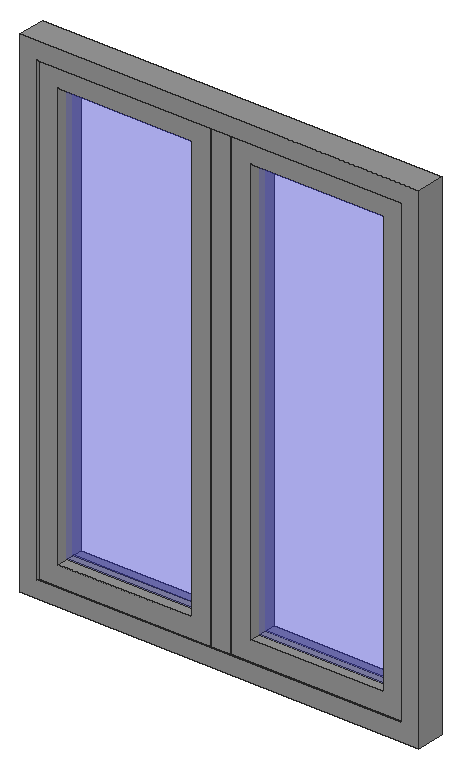
Revit family "Family10", category Windows, host Wall, Revit 2018
Family settings
  Host = Wall
  OmniClass Number = 23.30.20.00
  OmniClass Title = Windows
  Always vertical = Yes
  Cut with Voids When Loaded = No
  Shared = No
  Room Calculation Point = No
Parameters
  Window Thickness = 84 mm
  Window = White
  Visual Light Transmittance = 0.81
  URL = "www.skywardwindows.co.za"
  Thermal Resistance (R) = 0.3196 (m²·K)/W
  Telephone = "021 276 1800"
  Solar Heat Gain Coefficient = 0.76
  Manufacturer = "Skyward Windows"
  Height = 1490 mm
  Heat Transfer Coefficient (U) = 3.1292 W/(m²·K)
  Glass Thickness = 4 mm
  Glass = Glass
  Email Address = "info@skywardwindows.co.za"
  Default Sill Height = 800 mm
  Wall Closure = By host
  Width = 1190 mm
  Company Address = "Charles Matthews Street Atlantis 7349"
  Analytic Construction = "Double glazing - domestic"
Reference planes
  plane 1 "Center (Front/Back)": y = 0
  plane 2 "Center (Left/Right)": x = 0
  plane 3 "Left": x = -595
  plane 4 "Right": x = 595
  plane 5 "Sill": z = 800
  plane 6 "Head": z = 2290
  plane 7 "Exterior": y = 100
  plane 8 "Interior": y = -100
Forms (mm)
  Extrusion 1, solid, material "White" <- "Window"
    sketch origin (0, -100, 0) x (1, 0, 0) y (0, 0, 1)
      loop
        line (-595, 2290) -> (-595, 800) -> (595, 800) -> (595, 2290) -> (-595, 2290)
      loop
        line (-545, 850) -> (545, 850) -> (545, 2240) -> (-545, 2240) -> (-545, 850)
    from -135.787 to -51.787
  Extrusion 2, solid, material "White" <- "Window"
    sketch origin (0, -100, 0) x (1, 0, 0) y (0, 0, 1)
      loop
        line (-545, 2240) -> (-545, 850) -> (-30, 850) -> (-30, 2240) -> (-545, 2240)
      loop
        line (-486, 909) -> (-89, 909) -> (-89, 2181) -> (-486, 2181) -> (-486, 909)
    from -142 to -58
  Extrusion 3, solid, material "White" <- "Window"
    sketch origin (575, -100, 0) x (1, 0, 0) y (0, 0, 1)
      loop
        line (-545, 2240) -> (-545, 850) -> (-30, 850) -> (-30, 2240) -> (-545, 2240)
      loop
        line (-486, 909) -> (-89, 909) -> (-89, 2181) -> (-486, 2181) -> (-486, 909)
    from -142 to -58
  Extrusion 4, solid, material "White" <- "Window"
    sketch origin (0, -100, 0) x (1, 0, 0) y (0, 0, 1)
      loop
        line (-30, 2240) -> (-30, 850) -> (30, 850) -> (30, 2240) -> (-30, 2240)
    from -142 to -58
  Extrusion 5, solid, material "Glass" <- "Glass"
    sketch origin (0, 0, 0) x (1, 0, 0) y (0, 1, 0)
      loop
        line (89, 14) -> (89, 10) -> (486, 10) -> (486, 14) -> (89, 14)
      loop
        line (89, -10) -> (89, -14) -> (486, -14) -> (486, -10) -> (89, -10)
      loop
        line (-486, 14) -> (-486, 10) -> (-89, 10) -> (-89, 14) -> (-486, 14)
      loop
        line (-486, -10) -> (-486, -14) -> (-89, -14) -> (-89, -10) -> (-486, -10)
    from 909 to 2181
Lines and regions (mm)
  Opening 1
    outline origin (3500, -100, 0) x (1, 0, 0) y (0, 0, 1)
      loop
        line (-2905, 800) -> (-2905, 2290) -> (-4095, 2290) -> (-4095, 800) -> (-2905, 800)
Text (mm)
  text "EXTERIOR" at (-1963.203, 1332.353, 0), in view "Ref. Level"
  text "INTERIOR" at (-1981.466, -818.386, 0), in view "Ref. Level"
  text "Exterior" at (0, 923.751, 2943.296), in view "Right"
  text "Exterior" at (0, 1040.484, 2685.409), in view "Left"
Dimensions and locks
  equal spacing: plane 3 "Left", plane 2 "Center (Left/Right)", plane 4 "Right"
  "Width": plane 3 "Left" to plane 4 "Right"
  "Height": plane 5 "Sill" to plane 6 "Head"
  "Default Sill Height": plane 5 "Sill" to level
  locked: plane 7 "Exterior" to host wall at 0
  locked: plane 8 "Interior" to host wall
  "Window Thickness": Extrusion 1 to Extrusion 1
  "Window Thickness": Extrusion 3 to Extrusion 3
  "Window Thickness": Extrusion 2 to Extrusion 2
  "Glass Thickness": Extrusion 5 to Extrusion 5  (x4)
  aligned and locked: Extrusion 1 sketch curve to host wall  (x3)
  aligned and locked: Extrusion 5 to Extrusion 2
Automatic sketch dimensions
  plane 3 "Left" to Opening 1 sketch curve = 0 mm
  plane 4 "Right" to Opening 1 sketch curve = 0 mm
  Opening 1 sketch curve to plane 5 "Sill" = 0 mm
  Opening 1 sketch curve to plane 6 "Head" = 0 mm
  Extrusion 1 sketch curve to plane 6 "Head" = 0 mm
  Extrusion 1 sketch curve to plane 3 "Left" = 50 mm
  plane 4 "Right" to Extrusion 1 sketch curve = 50 mm
  Extrusion 1 sketch curve to plane 5 "Sill" = 50 mm
  plane 6 "Head" to Extrusion 1 sketch curve = 50 mm
  Extrusion 2 sketch curve to plane 3 "Left" = 50 mm
  Extrusion 2 sketch curve to Extrusion 2 sketch curve = 59 mm  (x2)
  plane 2 "Center (Left/Right)" to Extrusion 2 sketch curve = 89 mm
  plane 2 "Center (Left/Right)" to Extrusion 2 sketch curve = 30 mm
  Extrusion 2 sketch curve to plane 5 "Sill" = 50 mm
  plane 6 "Head" to Extrusion 2 sketch curve = 109 mm
  plane 6 "Head" to Extrusion 2 sketch curve = 50 mm
  Extrusion 3 sketch curve to plane 2 "Center (Left/Right)" = 30 mm
  Extrusion 3 sketch curve to Extrusion 3 sketch curve = 59 mm  (x2)
  plane 4 "Right" to Extrusion 3 sketch curve = 109 mm
  plane 4 "Right" to Extrusion 3 sketch curve = 50 mm
  Extrusion 3 sketch curve to plane 5 "Sill" = 50 mm
  plane 6 "Head" to Extrusion 3 sketch curve = 109 mm
  plane 6 "Head" to Extrusion 3 sketch curve = 50 mm
  plane 2 "Center (Left/Right)" to Extrusion 4 sketch curve = 30 mm
  Extrusion 4 sketch curve to plane 2 "Center (Left/Right)" = 30 mm
  Extrusion 4 sketch curve to plane 5 "Sill" = 50 mm
  plane 6 "Head" to Extrusion 4 sketch curve = 50 mm
  Extrusion 5 sketch curve to host wall = 14 mm  (x2)
  Extrusion 5 sketch curve to plane 3 "Left" = 109 mm
  Extrusion 5 sketch curve to Extrusion 5 sketch curve = 0 mm  (x4)
  plane 2 "Center (Left/Right)" to Extrusion 5 sketch curve = 89 mm
  Extrusion 5 sketch curve to plane 2 "Center (Left/Right)" = 89 mm
  plane 4 "Right" to Extrusion 5 sketch curve = 109 mm
  Extrusion 5 sketch curve to Extrusion 5 sketch curve = 4 mm  (x4)
  host wall to Extrusion 5 sketch curve = 10 mm  (x2)
